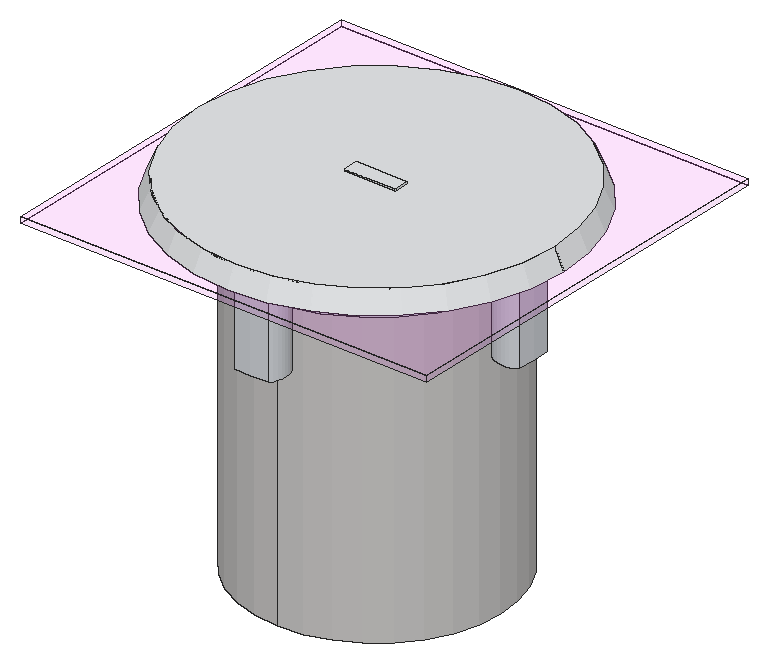
Revit family "AC-C2T", category Communication Devices, host Face, Revit 2015
Parameters
  Width = Grille Radius Base * 2  # 213 mm
  Weight Product (lb) = 4.2
  Weight Product (kg) = 1.9
  Weight Dimensional (lb) = 15.1
  Weight Dimensional (kg) = 6.86
  URL = "https://www.qsc.com/systems/products/loudspeakers/ceiling-mount-loudspeakers/acousticcoveragetm-series-ceiling-mount/ac-c2t/"
  Sensitivity = 84
  SPL Max = 102
  Regulatory Compliance = ""
  Product Page URL = "https://www.qsc.com/systems/products/loudspeakers/ceiling-mount-loudspeakers/acousticcoveragetm-series-ceiling-mount/ac-c2t/"
  Product Documentation Link = "https://www.qsc.com/resource-files/productresources/spk/ac/ac-c_2t/q_spk_acc_2t_specs.pdf"
  Power Handling = 16
  Model = "AC-C2T"
  Middle Radius = 90 mm
  Middle Depth = 10 mm
  Manufacturer URL = "www.qsc.com"
  Manufacturer = "QSC"
  Logo Material [instance] = White Powder Coated Finish
  Impedance = 8
  Grille Radius Extent = 101.6 mm
  Grille Radius Base = 106.5 mm
  Grille Material [instance] = White Powder Coated Mesh
  Grille Depth = 11.2 mm
  Enclosure Radius = 71 mm
  Enclosure Depth = 177.3 mm
  Description = "2.75\" Full-range, 170° conical Ceiling Mount Loudspeaker"
  Depth = Grille Depth + Middle Depth + Enclosure Depth  # 198.5 mm
  Default Elevation = 0 mm
  Coverage Vertical = 170.00°
  Coverage Horizontal = 170.00°
  70V Taps = "16, 8, 4, 2, 1"
  100V Taps = "16, 8, 4, 2"
Reference planes
  plane 1 "Center (Front/Back)": y = 0
  plane 2: z = 0
  plane 3 "Center (Left/Right)": x = 0
  plane 4 "Grill Extent": z = 11.2
  plane 5 "Enclosure Extent": z = -187.3
  plane 6 "Middle Extent": z = -10
Forms (mm)
  Extrusion 1, solid, material "Clear"
    sketch origin (0, 0, 0) x (1, 0, 0) y (0, 1, 0)
      loop
        line (-113.726, 117.453) -> (-113.726, -112.256) -> (118.098, -112.256) -> (118.098, 117.453) -> (-113.726, 117.453)
    from 0 to -3.49
  Extrusion 2, solid, material "Steel"
    sketch origin (0, 0, -187.3) x (0, 1, 0) y (-1, 0, 0)
      loop
        circle (0, 0) r 71
    from 0 to 177.3 <- "Enclosure Depth"
  Blend 3, solid, material "White Powder Coated Mesh" <- "Grille Material"
    base sketch origin (0, 0, 0) x (1, 0, 0) y (0, 1, 0)
      loop
        circle (0, 0) r 106.5
    top sketch origin (0, 0, 0) x (1, 0, 0) y (0, 1, 0)
      loop
        circle (0, 0) r 101.6
    from 0 to 11.2 <- "Grille Depth"
  Extrusion 4, solid, material "White Powder Coated Finish" <- "Logo Material"
    sketch origin (-182.677, -24.318, 11.2) x (0, 1, 0) y (-1, 0, 0)
      loop
        arc (28.268, -168.392) -> (28.119, -168.033) -> (27.76, -167.884) r 0.508
        line (27.76, -167.884) -> (20.111, -167.884)
        arc (20.111, -167.884) -> (19.752, -168.033) -> (19.603, -168.392) r 0.508
        line (19.603, -168.392) -> (19.603, -196.527)
        arc (19.603, -196.527) -> (19.752, -196.887) -> (20.111, -197.035) r 0.508
        line (20.111, -197.035) -> (27.76, -197.035)
        arc (27.76, -197.035) -> (28.119, -196.887) -> (28.268, -196.527) r 0.508
        line (28.268, -196.527) -> (28.268, -168.392)
    from 0 to 0.794
  Extrusion 5, solid
    sketch origin (0, 0, 11.2) x (0, 1, 0) y (-1, 0, 0)
      loop
        circle (0, 0) r 90
    from -11.2 to -21.2
  Extrusion 6, solid
    sketch origin (0, 0, 11.2) x (1, 0, 0) y (0, 1, 0)
      loop
        arc (89.603, -9.696) -> (90.118, -0.048) -> (89.603, 9.6) r 90.566
        arc (89.603, 9.6) -> (81.359, 12.773) -> (73.184, 9.427) r 11.967
        arc (73.184, 9.427) -> (73.789, 0.163) -> (73.176, -9.101) r 70.796
        arc (73.176, -9.101) -> (81.271, -12.662) -> (89.603, -9.696) r 11.973
    from -62.115 to -14.618
  Extrusion 7, solid
    sketch origin (0, 0, 11.2) x (-1, 0, 0) y (0, -1, 0)
      loop
        arc (89.603, 9.696) -> (81.271, 12.662) -> (73.176, 9.101) r 11.973
        arc (73.176, 9.101) -> (73.789, -0.163) -> (73.184, -9.427) r 70.796
        arc (73.184, -9.427) -> (81.359, -12.773) -> (89.603, -9.6) r 11.967
        arc (89.603, -9.6) -> (90.118, 0.048) -> (89.603, 9.696) r 90.566
    from -62.115 to -14.618
  Extrusion 8, solid
    sketch origin (0.307, -0.139, 11.2) x (0, 1, 0) y (-1, 0, 0)
      loop
        arc (89.603, 9.696) -> (81.271, 12.662) -> (73.176, 9.101) r 11.973
        arc (73.176, 9.101) -> (73.789, -0.163) -> (73.184, -9.427) r 70.796
        arc (73.184, -9.427) -> (81.359, -12.773) -> (89.603, -9.6) r 11.967
        arc (89.603, -9.6) -> (90.118, 0.048) -> (89.603, 9.696) r 90.566
    from -62.115 to -14.618
  Extrusion 9, solid
    sketch origin (0.307, 0.139, 11.2) x (0, -1, 0) y (1, 0, 0)
      loop
        arc (89.603, -9.696) -> (90.118, -0.048) -> (89.603, 9.6) r 90.566
        arc (89.603, 9.6) -> (81.359, 12.773) -> (73.184, 9.427) r 11.967
        arc (73.184, 9.427) -> (73.789, 0.163) -> (73.176, -9.101) r 70.796
        arc (73.176, -9.101) -> (81.271, -12.662) -> (89.603, -9.696) r 11.973
    from -62.115 to -21.2
Lines and regions (mm)
  model lines
    curve 1: line (1.937, -1.546, 11.994) -> (-0.28, 1.374, 11.994)
    curve 2: line (-0.28, 1.374, 11.994) -> (1.937, -1.546, 11.994)
    curve 3: line (-8.315, -1.182, 11.994) -> (-7.478, 1.831, 11.994)
    curve 4: line (-7.478, 1.831, 11.994) -> (-8.315, -1.182, 11.994)
    curve 5: line (-6.916, -3.176, 11.994) -> (-7.541, 2.398, 11.994)
    curve 6: line (-7.541, 2.398, 11.994) -> (-6.916, -3.176, 11.994)
    curve 7: line (4.904, 0.724, 11.994) -> (6.881, -0.728, 11.994)
    curve 8: line (6.881, -0.728, 11.994) -> (4.904, 0.724, 11.994)
Dimensions and locks
  "Grille Depth": plane 4 "Grill Extent" to plane 2
  "Middle Depth": plane 6 "Middle Extent" to plane 2
  "Enclosure Depth": plane 5 "Enclosure Extent" to plane 6 "Middle Extent"
  "Enclosure Radius": radius of Extrusion 2 sketch curve
  "Grille Radius Base": radius of Blend 3 sketch curve
  "Grille Radius Extent": radius of Blend 3 sketch curve
  "Middle Radius": radius of Extrusion 5 sketch curve
  aligned and locked: plane 2 to Extrusion 1
  aligned and locked: level to Extrusion 1
Automatic sketch dimensions
  Extrusion 1 sketch curve to Extrusion 1 sketch curve = 231.824 mm
  Extrusion 1 sketch curve to Extrusion 1 sketch curve = 229.71 mm
  plane 1 "Center (Front/Back)" to Extrusion 2 sketch curve = 0 mm
  Extrusion 2 sketch curve to plane 3 "Center (Left/Right)" = 0 mm
  plane 1 "Center (Front/Back)" to Blend 3 sketch curve = 0 mm  (x2)
  Blend 3 sketch curve to plane 3 "Center (Left/Right)" = 0 mm  (x2)
  plane 1 "Center (Front/Back)" to Extrusion 4 sketch curve = 4.714 mm
  Extrusion 4 sketch curve to Extrusion 4 sketch curve = 0.508 mm  (x3)
  Extrusion 4 sketch curve to plane 1 "Center (Front/Back)" = 3.442 mm  (x2)
  plane 3 "Center (Left/Right)" to Extrusion 4 sketch curve = 14.359 mm
  Extrusion 4 sketch curve to plane 3 "Center (Left/Right)" = 14.285 mm
  curve 6 to Extrusion 4 = 1.538 mm
  curve 8 to Extrusion 4 = 7.478 mm
  curve 5 to curve 6 = 0 mm  (x3)
  curve 1 to Extrusion 4 = 3.168 mm
  curve 2 to curve 1 = 0 mm  (x3)
  curve 5 to curve 4 = 1.994 mm
  curve 3 to curve 4 = 0 mm  (x3)
  curve 7 to Extrusion 4 = 3.986 mm
  curve 8 to curve 7 = 0 mm  (x3)
  curve 7 to curve 7 = 1.452 mm
  curve 1 to Extrusion 4 = 2.576 mm
  curve 4 to Extrusion 4 = 2.12 mm
  curve 3 to curve 6 = 0.568 mm
  curve 7 to curve 8 = 0 mm
  curve 7 to curve 7 = 1.976 mm
  curve 8 to curve 2 = 2.968 mm
  curve 1 to curve 2 = 0 mm
  curve 1 to curve 1 = 2.216 mm
  curve 6 to Extrusion 4 = 7.876 mm
  curve 5 to curve 4 = 0.561 mm
  curve 6 to curve 5 = 0 mm
  curve 5 to curve 4 = 1.399 mm
  plane 1 "Center (Front/Back)" to Extrusion 5 sketch curve = 0 mm
  Extrusion 5 sketch curve to plane 3 "Center (Left/Right)" = 0 mm
  plane 1 "Center (Front/Back)" to Extrusion 6 sketch curve = 0.049 mm
  Extrusion 6 sketch curve to plane 3 "Center (Left/Right)" = 0.448 mm
  Extrusion 6 sketch curve to plane 1 "Center (Front/Back)" = 0.193 mm
  plane 3 "Center (Left/Right)" to Extrusion 6 sketch curve = 2.993 mm
  Extrusion 6 sketch curve to plane 1 "Center (Front/Back)" = 0.807 mm
  Extrusion 6 sketch curve to Extrusion 6 sketch curve = 78.492 mm
  plane 1 "Center (Front/Back)" to Extrusion 6 sketch curve = 0.698 mm
  Extrusion 6 sketch curve to Extrusion 6 sketch curve = 0.22 mm
  Extrusion 6 sketch curve to Extrusion 6 sketch curve = 8.528 mm
  Extrusion 6 sketch curve to plane 1 "Center (Front/Back)" = 9.427 mm
  Extrusion 6 sketch curve to Extrusion 6 sketch curve = 8.301 mm
  Extrusion 6 sketch curve to plane 1 "Center (Front/Back)" = 9.6 mm
  Extrusion 7 sketch curve to plane 1 "Center (Front/Back)" = 0.049 mm
  Extrusion 7 sketch curve to plane 3 "Center (Left/Right)" = 0.448 mm
  plane 1 "Center (Front/Back)" to Extrusion 7 sketch curve = 0.193 mm
  plane 3 "Center (Left/Right)" to Extrusion 7 sketch curve = 2.993 mm
  plane 1 "Center (Front/Back)" to Extrusion 7 sketch curve = 0.807 mm
  Extrusion 7 sketch curve to Extrusion 7 sketch curve = 78.492 mm
  Extrusion 7 sketch curve to plane 1 "Center (Front/Back)" = 0.698 mm
  Extrusion 7 sketch curve to Extrusion 7 sketch curve = 0.22 mm
  Extrusion 7 sketch curve to Extrusion 7 sketch curve = 8.528 mm
  plane 1 "Center (Front/Back)" to Extrusion 7 sketch curve = 9.427 mm
  Extrusion 7 sketch curve to Extrusion 7 sketch curve = 8.301 mm
  plane 1 "Center (Front/Back)" to Extrusion 7 sketch curve = 9.6 mm
  Extrusion 8 sketch curve to plane 3 "Center (Left/Right)" = 0.258 mm
  Extrusion 8 sketch curve to plane 1 "Center (Front/Back)" = 0.587 mm
  Extrusion 8 sketch curve to plane 3 "Center (Left/Right)" = 0.5 mm
  plane 1 "Center (Front/Back)" to Extrusion 8 sketch curve = 2.854 mm
  Extrusion 8 sketch curve to plane 3 "Center (Left/Right)" = 1.114 mm
  Extrusion 8 sketch curve to Extrusion 8 sketch curve = 78.492 mm
  plane 3 "Center (Left/Right)" to Extrusion 8 sketch curve = 0.391 mm
  Extrusion 8 sketch curve to Extrusion 8 sketch curve = 0.22 mm
  Extrusion 8 sketch curve to Extrusion 8 sketch curve = 8.528 mm
  Extrusion 8 sketch curve to plane 3 "Center (Left/Right)" = 9.734 mm
  Extrusion 8 sketch curve to Extrusion 8 sketch curve = 8.301 mm
  Extrusion 8 sketch curve to plane 3 "Center (Left/Right)" = 9.907 mm
  plane 3 "Center (Left/Right)" to Extrusion 9 sketch curve = 0.258 mm
  Extrusion 9 sketch curve to plane 1 "Center (Front/Back)" = 0.587 mm
  plane 3 "Center (Left/Right)" to Extrusion 9 sketch curve = 0.5 mm
  plane 1 "Center (Front/Back)" to Extrusion 9 sketch curve = 2.854 mm
  plane 3 "Center (Left/Right)" to Extrusion 9 sketch curve = 1.114 mm
  Extrusion 9 sketch curve to Extrusion 9 sketch curve = 78.492 mm
  Extrusion 9 sketch curve to plane 3 "Center (Left/Right)" = 0.391 mm
  Extrusion 9 sketch curve to Extrusion 9 sketch curve = 0.22 mm
  Extrusion 9 sketch curve to Extrusion 9 sketch curve = 8.528 mm
  plane 3 "Center (Left/Right)" to Extrusion 9 sketch curve = 9.734 mm
  Extrusion 9 sketch curve to Extrusion 9 sketch curve = 8.301 mm
  plane 3 "Center (Left/Right)" to Extrusion 9 sketch curve = 9.907 mm
Connectors
  electrical at (0, 0, -187.3)
    settings: on Extrusion 2, index 2, voltage 0 V, apparent load 0 VA, apparent load phase1 0 VA, apparent load phase2 0 VA, apparent load phase3 0 VA, power factor 1, load classification "Other", number of poles 1, system type 14, power factor state 1, is connector primary yes, connector utility no, sub classification motor no, connector description "Speaker Input"
